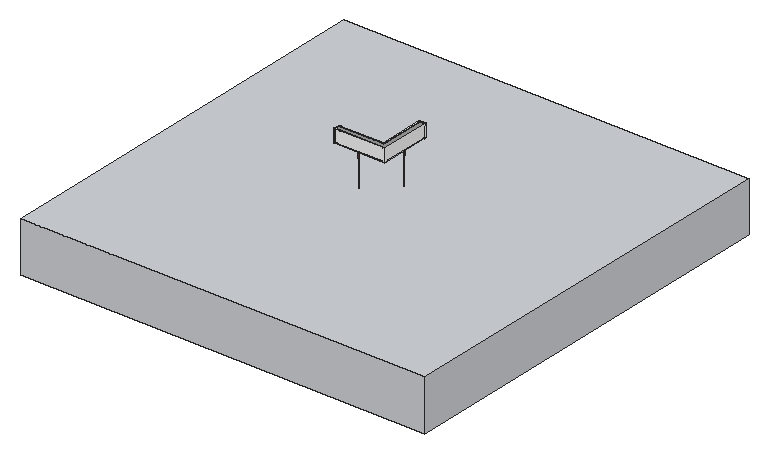
Revit family "LAMP_FIL 35 CORNER OPAL COMFORT SURFACE HC", category Luminarias, Revit 2018
Family settings
  Anfitrión = Cara
  Cota de conector redondo = Diámetro de uso
  Tipo de pieza = Normal
  Corte con vacíos al cargar = No
  Origen de luz = Sí
  Compartido = No
  Punto de cálculo de habitación = No
Parameters (values of type "534LM 3000K  BLACK")
  Ángulo de inclinación = -90.00°
  Weight = 1.23 kg
  Wattage = 2.93 W
  Type = "MID POWER TRIDONIC"
  built-in parameter 1150107 = 3000 (stored number, unit not read)
  Second light = LAMP_FIL 35 CORNER OPAL COMFORT SURFACE_SECOND : 3000K
  NOT COVER 2 [instance] = not(END COVER 2)  # no
  NOT COVER 1 [instance] = not(END COVER 1)  # no
  END COVER 2 [instance] = yes
  END COVER 1 [instance] = yes
  Suspension distance [instance] = if(Suspension > 4000 mm, 4000 mm, if(Suspension < 1 mm, 1 mm, Suspension))  # 200 mm
  Suspension [instance] = 200 mm
  built-in parameter 1150110 = 1 (stored number, unit not read)
  built-in parameter 1150109 = 1 (stored number, unit not read)
  built-in parameter 1150112 = 1 (stored number, unit not read)
  built-in parameter 1150113 = 1 (stored number, unit not read)
  built-in parameter 1114218 = 1 (stored number, unit not read)
  Protection rating = "IP20 / IK07"
  Product datasheet = "http://www.lamp.es/product-files/TECH/F31SFHCLOOC830NB-EN.pdf"
  Product code = "F31SFHCLOOC830NB"
  Product URL = "https://www.lamp.es/en/family/fil-35_413911"
  Power Supply = "220-240V 50/60Hz"
  Power = 5 W
  Plum = 6.1 W
  Photobiological risk = ""
  built-in parameter 1150137 = (empty or 0)
  built-in parameter 1150132 = 2
  Modelo = Product code  # "F31SFHCLOOC830NB"
  Model Explanation = ""
  Material suspension = LAMP_Acero genérico
  Material perfil = LAMP_Aluminio Perfil Fil NG
  Material difusor = LAMP_PC Difusor Opal Fil
  Manufacturer name = "LAMP"
  Manufacturer country = "Spain"
  Manufacturer URL = "http://www.lamp.es/en"
  MacAdam = "3"
  Last update = "21/05/2021"
  Lamp = "MID-POWER LED"
  LED Lifetime = "60.000 L80 B10"
  built-in parameter 1150105 = 119.95 (stored number, unit not read)
  built-in parameter 1150102 = (empty or 0)
  Insulation class = "I"
  Installation instructions = "https://www.lamp.es/product-files/INS/1004590-A%20INSTR.%20FIL35.pdf"
  built-in parameter 1150106 = 1.1995 (stored number, unit not read)
  IEE = "A+"
  Gear = "Electronic"
  Lumens = 303.548 lm
  Finish = "Matte black RAL 9011"
  Color Filter = 16777215
  built-in parameter 1114217 = 1 (stored number, unit not read)
  built-in parameter 1150139 = (empty or 0)
  Fabricante = Manufacturer name  # "LAMP"
  Default Elevation = 1219.2 mm
  built-in parameter 1150104 = 9.6248 (stored number, unit not read)
  Efficacy = 94.6 lm/W
  Dimensions = "303x303x35"
  Descripción = "FIL35 HORIZ CORNER SUR 800 WW OP COMF BK"
  built-in parameter 1150115 = 1 (stored number, unit not read)
  built-in parameter 1150114 = 1 (stored number, unit not read)
  built-in parameter 1150138 = (empty or 0)
  built-in parameter 1150134 = 3
  Dimming Lamp Color Temperature Shift = (empty or 0)
  CRI = "80"
  Archivo de red fotométrica = "F31SF084LOOP830NB.IES"
  built-in parameter 1150133 = 10 (stored number, unit not read)
Types (12, lengths in mm): name | built-in parameter 1150107 | Second light | Product datasheet | Product code | Modelo | Material perfil | Finish | Efficacy | Descripción | Archivo de red fotométrica
  534LM 3000K DALI BLACK | 3000 (stored number, unit not read) | LAMP_FIL 35 CORNER OPAL COMFORT SURFACE_SECOND : 3000K | "http://www.lamp.es/product-files/TECH/F31SFHCLOOC830DB-EN.pdf" | "F31SFHCLOOC830DB" | "F31SFHCLOOC830DB" | LAMP_Aluminio Perfil Fil NG | "Matte black RAL 9011" | 87.5 lm/W | "FIL35 HOR CORNER SUR 800 WW OP DA COM BK" | "F31SF084LOOP830NB.IES"
  534LM 3000K DALI GREY | 3000 (stored number, unit not read) | LAMP_FIL 35 CORNER OPAL COMFORT SURFACE_SECOND : 3000K | "http://www.lamp.es/product-files/TECH/F31SFHCLOOC830DG-EN.pdf" | "F31SFHCLOOC830DG" | "F31SFHCLOOC830DG" | LAMP_Aluminio Perfil Fil GR | "Gloss grey" | 87.5 lm/W | "FIL35 HOR CORNER SUR 800 WW OP DA COM GR" | "F31SF084LOOP830NB.IES"
  534LM 3000K DALI WHITE | 3000 (stored number, unit not read) | LAMP_FIL 35 CORNER OPAL COMFORT SURFACE_SECOND : 3000K | "http://www.lamp.es/product-files/TECH/F31SFHCLOOC830DW-EN.pdf" | "F31SFHCLOOC830DW" | "F31SFHCLOOC830DW" | LAMP_Aluminio Perfil Fil BL | "Matte white RAL 9010" | 87.5 lm/W | "FIL35 HOR CORNER SUR 800 WW OP DA COM WH" | "F31SF084LOOP830NB.IES"
  534LM 4000K DALI BLACK | 4000 (stored number, unit not read) | LAMP_FIL 35 CORNER OPAL COMFORT SURFACE_SECOND : 4000K | "http://www.lamp.es/product-files/TECH/F31SFHCLOOC840DB-EN.pdf" | "F31SFHCLOOC840DB" | "F31SFHCLOOC840DB" | LAMP_Aluminio Perfil Fil NG | "Matte black RAL 9011" | 87.5 lm/W | "FIL35 HOR CORNER SUR 800 NW OP DA COM BK" | "F31SF084LOOP840NB.IES"
  534LM 4000K DALI GREY | 4000 (stored number, unit not read) | LAMP_FIL 35 CORNER OPAL COMFORT SURFACE_SECOND : 4000K | "http://www.lamp.es/product-files/TECH/F31SFHCLOOC840DG-EN.pdf" | "F31SFHCLOOC840DG" | "F31SFHCLOOC840DG" | LAMP_Aluminio Perfil Fil GR | "Gloss grey" | 87.5 lm/W | "FIL35 HOR CORNER SUR 800 NW OP DA COM GR" | "F31SF084LOOP840NB.IES"
  534LM 4000K DALI WHITE | 4000 (stored number, unit not read) | LAMP_FIL 35 CORNER OPAL COMFORT SURFACE_SECOND : 4000K | "http://www.lamp.es/product-files/TECH/F31SFHCLOOC840DW-EN.pdf" | "F31SFHCLOOC840DW" | "F31SFHCLOOC840DW" | LAMP_Aluminio Perfil Fil BL | "Matte white RAL 9010" | 87.5 lm/W | "FIL35 HOR CORNER SUR 800 NW OP DA COM WH" | "F31SF084LOOP840NB.IES"
  577LM 4000K  BLACK | 4000 (stored number, unit not read) | LAMP_FIL 35 CORNER OPAL COMFORT SURFACE_SECOND : 4000K | "http://www.lamp.es/product-files/TECH/F31SFHCLOOC840NB-EN.pdf" | "F31SFHCLOOC840NB" | "F31SFHCLOOC840NB" | LAMP_Aluminio Perfil Fil NG | "Matte black RAL 9011" | 87.5 lm/W | "FIL35 HORIZ CORNER SUR 800 NW OP COMF BK" | "F31SF084LOOP840NB.IES"
  577LM 4000K  GREY | 4000 (stored number, unit not read) | LAMP_FIL 35 CORNER OPAL COMFORT SURFACE_SECOND : 4000K | "http://www.lamp.es/product-files/TECH/F31SFHCLOOC840NG-EN.pdf" | "F31SFHCLOOC840NG" | "F31SFHCLOOC840NG" | LAMP_Aluminio Perfil Fil GR | "Gloss grey" | 87.5 lm/W | "FIL35 HORIZ CORNER SUR 800 NW OP COMF GR" | "F31SF084LOOP840NB.IES"
  577LM 4000K  WHITE | 4000 (stored number, unit not read) | LAMP_FIL 35 CORNER OPAL COMFORT SURFACE_SECOND : 4000K | "http://www.lamp.es/product-files/TECH/F31SFHCLOOC840NW-EN.pdf" | "F31SFHCLOOC840NW" | "F31SFHCLOOC840NW" | LAMP_Aluminio Perfil Fil BL | "Matte white RAL 9010" | 87.5 lm/W | "FIL35 HORIZ CORNER SUR 800 NW OP COMF WH" | "F31SF084LOOP840NB.IES"
  534LM 3000K  BLACK | 3000 (stored number, unit not read) | LAMP_FIL 35 CORNER OPAL COMFORT SURFACE_SECOND : 3000K | "http://www.lamp.es/product-files/TECH/F31SFHCLOOC830NB-EN.pdf" | "F31SFHCLOOC830NB" | "F31SFHCLOOC830NB" | LAMP_Aluminio Perfil Fil NG | "Matte black RAL 9011" | 94.6 lm/W | "FIL35 HORIZ CORNER SUR 800 WW OP COMF BK" | "F31SF084LOOP830NB.IES"
  534LM 3000K  GREY | 3000 (stored number, unit not read) | LAMP_FIL 35 CORNER OPAL COMFORT SURFACE_SECOND : 3000K | "http://www.lamp.es/product-files/TECH/F31SFHCLOOC830NG-EN.pdf" | "F31SFHCLOOC830NG" | "F31SFHCLOOC830NG" | LAMP_Aluminio Perfil Fil GR | "Gloss grey" | 94.6 lm/W | "FIL35 HORIZ CORNER SUR 800 WW OP COMF GR" | "F31SF084LOOP830NB.IES"
  534LM 3000K  WHITE | 3000 (stored number, unit not read) | LAMP_FIL 35 CORNER OPAL COMFORT SURFACE_SECOND : 3000K | "http://www.lamp.es/product-files/TECH/F31SFHCLOOC830NW-EN.pdf" | "F31SFHCLOOC830NW" | "F31SFHCLOOC830NW" | LAMP_Aluminio Perfil Fil BL | "Matte white RAL 9010" | 94.6 lm/W | "FIL35 HORIZ CORNER SUR 800 WW OP COMF WH" | "F31SF084LOOP830NB.IES"
Reference planes
  plane 1 "Centro (Frontal/Posterior)": y = 0
  plane 2: z = 0
  plane 3 "Centro (Izquierda/Derecha)": x = 0
Forms (mm)
  Extrusion 1, solid
    sketch origin (0, 0, 0) x (1, 0, 0) y (0, 1, 0)
      loop
        line (-1219.2, 1219.2) -> (-1219.2, -1219.2) -> (1219.2, -1219.2) -> (1219.2, 1219.2) -> (-1219.2, 1219.2)
    from 0 to -304.8
  Extrusion 2, solid, material "LAMP_Acero genérico" <- "Material suspension"
    sketch origin (-540.625, 0, 0) x (0, -1, 0) y (0, 0, 1)
      loop
        line (-12.5, 201) -> (-15.291, 208.272) -> (-13.251, 209.7) -> (-14.251, 209.7) -> (-16.291, 208.272) -> (-13.116, 200) -> (0, 200) -> (13.116, 200) -> (16.291, 208.272) -> (14.251, 209.7) -> (13.251, 209.7) -> (15.291, 208.272) -> (12.5, 201) -> (0, 201) -> (-12.5, 201)
    from -400 to -378
  Extrusion 3, solid, material "LAMP_Acero genérico" <- "Material suspension"
    sketch origin (0, 516.625, 0) x (1, 0, 0) y (0, 1, 0)
      loop
        circle (0, -365) r 5
    from 163.2 to 200
  Extrusion 4, solid, material "LAMP_Acero genérico" <- "Material suspension"
    sketch origin (-151.625, -365, 0) x (1, 0, 0) y (0, 1, 0)
      loop
        circle (0, 365) r 5
    from 163.2 to 200
  Extrusion 5, solid, material "LAMP_Acero genérico" <- "Material suspension"
    sketch origin (0, 540.625, 0) x (1, 0, 0) y (0, 1, 0)
      loop
        circle (0, -389) r 1
    from 0 to 163.2
  Extrusion 6, solid, material "LAMP_Acero genérico" <- "Material suspension"
    sketch origin (-151.625, -389, 0) x (1, 0, 0) y (0, 1, 0)
      loop
        circle (0, 389) r 1
    from 0 to 163.2
  Extrusion 7, solid, material "LAMP_Acero genérico" <- "Material suspension"
    sketch origin (0, 540.625, 0) x (1, 0, 0) y (0, 0, -1)
      loop
        line (-12.5, -201) -> (0, -201) -> (12.5, -201) -> (15.291, -208.272) -> (13.251, -209.7) -> (14.251, -209.7) -> (16.291, -208.272) -> (13.116, -200) -> (0, -200) -> (-13.116, -200) -> (-16.291, -208.272) -> (-14.251, -209.7) -> (-13.251, -209.7) -> (-15.291, -208.272) -> (-12.5, -201)
    from -400 to -378
  Sweep 8, solid, material "LAMP_PC Difusor Opal Fil" <- "Material difusor"
    path origin (-803.25, 0, 0) x (1, 0, 0) y (0, 1, 0)
      loop
        line (517.75, 0) -> (803.25, 0) -> (803.25, 285.5)
    profile origin (-142.75, 0, 0) x (0, 1, 0) y (0, 0, 1)
      loop
        line (-15.75, 284.2) -> (0, 284.2) -> (15.75, 284.2) -> (15.75, 286.7) -> (0, 286.7) -> (-15.75, 286.7) -> (-15.75, 284.2)
  Sweep 9, solid, material "LAMP_Aluminio Perfil Fil NG" <- "Material perfil"
    path origin (0, 0, 0) x (1, 0, 0) y (0, 1, 0)
      loop
        line (-285.5, 0) -> (0, 0) -> (0, 285.5)
    profile origin (-142.75, 0, 0) x (0, 1, 0) y (0, 0, 1)
      loop
        arc (17.75, 285.7) -> (16.75, 286.7) -> (15.75, 285.7) r 1
        line (15.75, 285.7) -> (15.75, 284.2) -> (13.95, 284.2) -> (13.95, 259) -> (0, 259) -> (-13.95, 259) -> (-13.95, 284.2) -> (-15.75, 284.2) -> (-15.75, 285.7)
        arc (-15.75, 285.7) -> (-16.75, 286.7) -> (-17.75, 285.7) r 1
        line (-17.75, 285.7) -> (-17.75, 206.5) -> (-16.75, 206.5) -> (-16.75, 209.7) -> (-12.5, 209.7) -> (-12.5, 207.7) -> (-14.8, 207.7) -> (-13.6, 206.5) -> (-11, 206.5) -> (-11, 214.5) -> (0, 214.5) -> (11, 214.5) -> (11, 206.5) -> (13.6, 206.5) -> (14.8, 207.7) -> (12.5, 207.7) -> (12.5, 209.7) -> (16.75, 209.7) -> (16.75, 206.5) -> (17.75, 206.5) -> (17.75, 285.7)
  Sweep 10, solid, material "LAMP_PC Difusor Opal Fil" <- "Material difusor"
    path origin (0, 0, 0) x (1, 0, 0) y (0, 1, 0)
      loop
        line (-285.5, 0) -> (0, 0) -> (0, 285.5)
    profile origin (-142.75, 0, 0) x (0, 1, 0) y (0, 0, 1)
      loop
        line (-11, 214.5) -> (-11, 206.5) -> (-7.529, 206.5) -> (11, 206.5) -> (11, 214.5) -> (10, 214.5) -> (10, 207.5) -> (-10, 207.5) -> (-10, 214.5) -> (-11, 214.5)
Lines and regions (mm)
  reference lines
    curve 1: line (0, -445.47, 200) -> (0, 544.53, 200)
Text (mm)
  text "Any modification of the parameters and properties of the LAMP BIM models must be executed and validated by the LAMP technical department.\nPhone: +34 93 736 68 00\nE-mail: lamp@lamp.es\n\nLAMP reserves the right to modify the technical specifications of its products." at (3279.264, 5298.162, -2684.539), in view "Preview"
Dimensions and locks
  "Suspension distance": level to curve 1
  locked: Extrusion 3 to Extrusion 3 at 36.8
  locked: Extrusion 4 to Extrusion 4 at 36.8
  aligned and locked: plane 2 to Extrusion 1
  aligned and locked: level to Extrusion 1
  aligned and locked: curve 1 to Extrusion 7
  aligned and locked: curve 1 to Extrusion 2
  aligned and locked: Extrusion 3 to curve 1
  aligned and locked: Extrusion 4 to curve 1
  aligned and locked: Extrusion 5 to Extrusion 3
  aligned and locked: Extrusion 6 to Extrusion 4
  aligned and locked: Sweep 9 to Extrusion 2
  aligned and locked: Sweep 8 to Sweep 9
  aligned and locked: Sweep 10 to Sweep 9
  aligned and locked: imposter light to Sweep 8
  aligned and locked: imposter light to nested 1
  aligned and locked: imposter light to nested 2
  aligned and locked: imposter light to nested 3
Automatic sketch dimensions
  Extrusion 1 sketch curve to Extrusion 1 sketch curve = 2438.4 mm  (x2)
  Extrusion 3 sketch curve to plane 3 "Centro (Izquierda/Derecha)" = 0 mm
  Extrusion 3 sketch curve to plane 1 "Centro (Frontal/Posterior)" = 151.625 mm
  plane 3 "Centro (Izquierda/Derecha)" to Extrusion 4 sketch curve = 151.625 mm
  Extrusion 4 sketch curve to plane 1 "Centro (Frontal/Posterior)" = 0 mm
  Extrusion 5 sketch curve to plane 3 "Centro (Izquierda/Derecha)" = 0 mm
  Extrusion 5 sketch curve to plane 1 "Centro (Frontal/Posterior)" = 151.625 mm
  plane 3 "Centro (Izquierda/Derecha)" to Extrusion 6 sketch curve = 151.625 mm
  Extrusion 6 sketch curve to plane 1 "Centro (Frontal/Posterior)" = 0 mm
  Extrusion 7 sketch curve to plane 3 "Centro (Izquierda/Derecha)" = 0 mm  (x2)
  Extrusion 7 sketch curve to Extrusion 7 sketch curve = 12.5 mm
  Extrusion 7 sketch curve to Extrusion 7 sketch curve = 0.616 mm  (x2)
  Extrusion 7 sketch curve to Extrusion 7 sketch curve = 0.751 mm  (x2)
  Extrusion 7 sketch curve to Extrusion 7 sketch curve = 1 mm  (x5)
  Extrusion 7 sketch curve to Extrusion 7 sketch curve = 1.04 mm  (x2)
  plane 3 "Centro (Izquierda/Derecha)" to Extrusion 7 sketch curve = 12.5 mm
  level to Extrusion 7 sketch curve = 209.7 mm
  Extrusion 7 sketch curve to Extrusion 7 sketch curve = 0 mm  (x3)
  Extrusion 7 sketch curve to Extrusion 7 sketch curve = 1.428 mm  (x2)
  Extrusion 7 sketch curve to Extrusion 7 sketch curve = 7.272 mm
  plane 1 "Centro (Frontal/Posterior)" to Sweep 8 sketch curve = 0 mm
  Sweep 8 sketch curve to plane 3 "Centro (Izquierda/Derecha)" = 285.5 mm
  Sweep 8 sketch curve to Sweep 8 sketch curve = 285.5 mm  (x2)
  profile plane to Sweep 8 sketch curve = 15.75 mm
  Sweep 8 sketch curve to profile plane = 0 mm
  Sweep 8 sketch curve to Sweep 8 sketch curve = 0 mm
  Sweep 8 sketch curve to Sweep 8 sketch curve = 15.75 mm
  level to Sweep 8 sketch curve = 284.2 mm
  Sweep 8 sketch curve to Sweep 8 sketch curve = 2.5 mm
  Extrusion 2 sketch curve to plane 1 "Centro (Frontal/Posterior)" = 16.291 mm
  Extrusion 2 sketch curve to Extrusion 2 sketch curve = 1 mm  (x5)
  Extrusion 2 sketch curve to Extrusion 2 sketch curve = 1.04 mm  (x2)
  level to Extrusion 2 sketch curve = 200 mm
  Extrusion 2 sketch curve to Extrusion 2 sketch curve = 2.175 mm
  Extrusion 2 sketch curve to Extrusion 2 sketch curve = 0.616 mm  (x2)
  Extrusion 2 sketch curve to Extrusion 2 sketch curve = 12.5 mm  (x2)
  Extrusion 2 sketch curve to Extrusion 2 sketch curve = 0 mm  (x3)
  Extrusion 2 sketch curve to Extrusion 2 sketch curve = 0.751 mm
  Extrusion 2 sketch curve to Extrusion 2 sketch curve = 7.272 mm  (x2)
  Extrusion 2 sketch curve to Extrusion 2 sketch curve = 1.428 mm  (x2)
  plane 1 "Centro (Frontal/Posterior)" to Sweep 9 sketch curve = 0 mm
  Sweep 9 sketch curve to plane 3 "Centro (Izquierda/Derecha)" = 0 mm
  Sweep 9 sketch curve to Sweep 9 sketch curve = 285.5 mm  (x2)
  Sweep 9 sketch curve to profile plane = 0 mm  (x2)
  profile plane to Sweep 9 sketch curve = 11 mm
  Sweep 9 sketch curve to Sweep 9 sketch curve = 1.5 mm  (x4)
  Sweep 9 sketch curve to Sweep 9 sketch curve = 1.1 mm  (x2)
  profile plane to Sweep 9 sketch curve = 13.95 mm
  Sweep 9 sketch curve to Sweep 9 sketch curve = 1.2 mm  (x4)
  Sweep 9 sketch curve to Sweep 9 sketch curve = 1.8 mm  (x2)
  Sweep 9 sketch curve to Sweep 9 sketch curve = 1 mm  (x3)
  Sweep 9 sketch curve to profile plane = 11 mm
  Sweep 9 sketch curve to profile plane = 13.95 mm
  Sweep 9 sketch curve to Sweep 9 sketch curve = 1.95 mm
  level to Sweep 9 sketch curve = 206.5 mm
  Sweep 9 sketch curve to Sweep 9 sketch curve = 0 mm  (x3)
  Sweep 9 sketch curve to Sweep 9 sketch curve = 2 mm  (x2)
  Sweep 9 sketch curve to Sweep 9 sketch curve = 4.8 mm
  Sweep 9 sketch curve to Sweep 9 sketch curve = 44.5 mm
  Sweep 9 sketch curve to Sweep 9 sketch curve = 25.2 mm  (x2)
  plane 1 "Centro (Frontal/Posterior)" to Sweep 10 sketch curve = 0 mm
  Sweep 10 sketch curve to plane 3 "Centro (Izquierda/Derecha)" = 0 mm
  Sweep 10 sketch curve to Sweep 10 sketch curve = 285.5 mm  (x2)
  profile plane to Sweep 10 sketch curve = 11 mm
  Sweep 10 sketch curve to Sweep 10 sketch curve = 1 mm  (x3)
  Sweep 10 sketch curve to Sweep 10 sketch curve = 2.471 mm
  Sweep 10 sketch curve to Sweep 10 sketch curve = 17.529 mm
  level to Sweep 10 sketch curve = 206.5 mm
  Sweep 10 sketch curve to Sweep 10 sketch curve = 7 mm  (x2)
  plane 1 "Centro (Frontal/Posterior)" to curve 1 = 445.47 mm
  curve 1 to plane 1 "Centro (Frontal/Posterior)" = 544.53 mm
  radius of Extrusion 3 sketch curve = 5 mm
  radius of Extrusion 4 sketch curve = 5 mm
  radius of Extrusion 5 sketch curve = 1 mm
  radius of Extrusion 6 sketch curve = 1 mm
Nested families
  nested 1: "LAMP_FIL 35 END COVER SURFACE" at (0, 286.9, 206.2), visible <- "END COVER 2", type "Blanco"
  nested 2: "LAMP_FIL 35 END COVER SURFACE" at (-286.9, -0.05, 206.2) x (0, 1, 0) z (0, 0, 1), visible <- "END COVER 1", type "Blanco"
  nested 3: "LAMP_FIL 35 CORNER OPAL COMFORT SURFACE_SECOND" at (-135.25, -0.019, -1213.3), type "3000K"
Connectors
  electrical at (-151.625, 0, 200)
    settings: on Extrusion 4, index 1, voltage 230 V, apparent load 0 VA, apparent load phase1 0 VA, apparent load phase2 0 VA, apparent load phase3 0 VA, power factor 1, load classification "Otro", number of poles 1, system type 31, power factor state 1, is connector primary yes, connector utility no, sub classification motor no, connector description ""
Definition of nested family "LAMP_FIL 35 END COVER SURFACE"
  Parameters (values of type "Blanco")
    Material tapa = none
  Reference planes
    plane 1 "Centro (Frontal/Posterior)": y = 0
    plane 2: z = 0
    plane 3 "Centro (Izquierda/Derecha)": x = 0
  Forms (mm)
    Extrusion 1, solid, material <- "Material tapa"
      sketch origin (0, 0, 0) x (0, -1, 0) y (0, 0, 1)
        loop
          line (0, 0) -> (1.4, 0) -> (1.4, 80.5) -> (-1.4, 80.5) -> (-1.4, 0) -> (0, 0)
      from -17.8 to 17.8
  Dimensions and locks
    aligned and locked: level to plane 2
Definition of nested family "LAMP_FIL 35 CORNER OPAL COMFORT SURFACE_SECOND"
  Parameters (values of type "3000K")
    Tilt Angle = -90.00°
    Wattage = 2.93 W
    built-in parameter 1150110 = 1 (stored number, unit not read)
    built-in parameter 1114217 = 1 (stored number, unit not read)
    built-in parameter 1150109 = 1 (stored number, unit not read)
    built-in parameter 1150134 = (empty or 0)
    built-in parameter 1150113 = 1 (stored number, unit not read)
    Lumens = 303.548 lm
    built-in parameter 1150115 = 1 (stored number, unit not read)
    built-in parameter 1150105 = 24.156 (stored number, unit not read)
    built-in parameter 1150137 = (empty or 0)
    built-in parameter 1150139 = (empty or 0)
    built-in parameter 1150112 = 1 (stored number, unit not read)
    built-in parameter 1150114 = 1 (stored number, unit not read)
    built-in parameter 1150132 = 2
    built-in parameter 1150102 = (empty or 0)
    built-in parameter 1150138 = (empty or 0)
    built-in parameter 1150107 = 3000 (stored number, unit not read)
    built-in parameter 1150106 = 0.24156 (stored number, unit not read)
    built-in parameter 1150104 = 9.6248 (stored number, unit not read)
    Dimming Lamp Color Temperature Shift = (empty or 0)
    Color Filter = 16777215
    built-in parameter 1114218 = 1 (stored number, unit not read)
    Photometric Web File = "F31SF084LOOP830NB.IES"
    built-in parameter 1150133 = 10 (stored number, unit not read)
  Types (3, lengths in mm): name | built-in parameter 1150134 | built-in parameter 1150107 | Photometric Web File
    (no name) | (empty or 0) | 3000 (stored number, unit not read) | "F31SF084LOOP830NB.IES"
    3000K | (empty or 0) | 3000 (stored number, unit not read) | "F31SF084LOOP830NB.IES"
    4000K | 12 | 4000 (stored number, unit not read) | "F31SF084LOOP840NB.IES"
  Reference planes
    plane 1 "Eje de origen de luz (F/P)": y = 0
    plane 2: z = 0
    plane 3 "Eje de origen de luz (I/D)": x = 0
    plane 4 "Elevación de origen de luz": z = 1500
  Dimensions and locks
    aligned and locked: plane 3 "Eje de origen de luz (I/D)" to imposter light
    aligned and locked: plane 1 "Eje de origen de luz (F/P)" to imposter light
    aligned and locked: plane 4 "Elevación de origen de luz" to imposter light
    aligned and locked: level to plane 2
